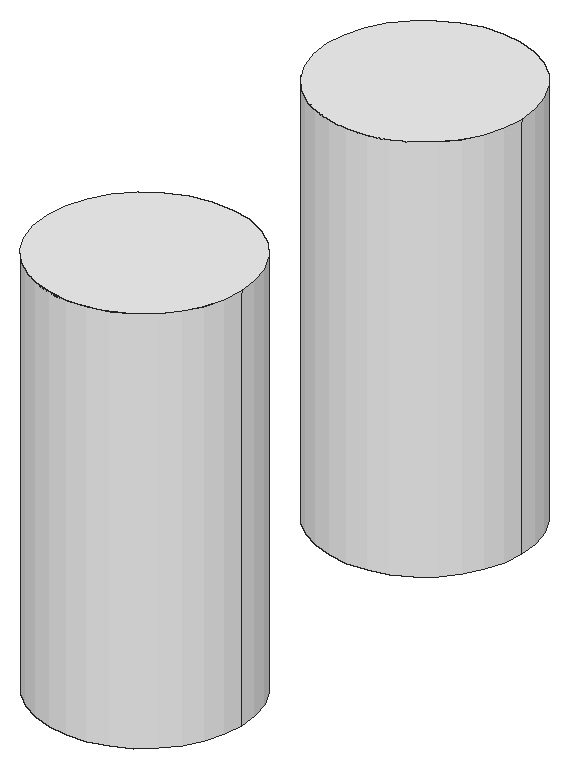
Revit family "44380200", category Plumbing Fixtures, Revit 2020
Family settings
  Round Connector Dimension = Use Diameter
  Part Type = Normal
  OmniClass Number = 23.45.55.00
  OmniClass Title = Sanitary Faucets, Wastes
  Work Plane-Based = No
  Always vertical = Yes
  Cut with Voids When Loaded = No
  Shared = No
  Room Calculation Point = No
Parameters (values of type "44380200 Overhead shower set ")
  Working Pressure = "100 - 1000 kPa"
  WarrantyStartDate [instance] = "n/a"
  WarrantyGuarantorParts = "n/a"
  WarrantyGuarantorLabor = "n/a"
  WarrantyDurationUnit = "Year"
  WarrantyDurationParts = "n/a"
  WarrantyDurationLabor = "n/a"
  WarrantyDescription = "http://warranty.hansa.com"
  Warranty Information URL = "http://warranty.hansa.com"
  VersionDate = "01/06/2023"
  Version = "1"
  ValvePattern = "n/a"
  ValveOperation = "n/a"
  ValveMechanism = "n/a"
  Uniclass2015Reference = "Pr_40_20_87_78"
  Uniclass2015Description = "Shower manual water supply sets"
  Uniclass2 = "Pr_40_30_96_78"
  URL UWL = "http://static.hansa.com/UWL/44380200"
  URL REACH = "http://static.hansa.com/doc/reach"
  URL EcoLabel Declaration = "http://static.hansa.com/doc/EcoLabel"
  URL EU Packaging Declaration = "http://static.hansa.com/doc/packaging"
  URL Declaration of SCIP = "http://static.hansa.com/doc/SCIP"
  URL Declaration of Conformity = "http://static.hansa.com/DoC/44380200"
  URL Declaration of Asbestos = "http://static.hansa.com/doc/asbestos"
  URL Declaration Of Performance (DOP) = "http://static.hansa.com/doc/DoP"
  URL = ""
  UNSPSC Class Number = "30181801 Shower head"
  TestPressure = "n/a"
  Technical DataSheet URL = "http://www.hansa.com/datasheet/44380200/en"
  TagNumber [instance] = "n/a"
  SustainabilityPerformance = "n/a"
  Surface treatment = "Chrome"
  Spout Projection = "407 mm"
  Spare-Part Information URL = "http://static.hansa.com/sp/44380200"
  Size = "200x540x1175 mm"
  Shower Spray Number = "3 shower sprays"
  Shower Spray = "Normal;Refreshing;Relaxing"
  Shower Parts = "Hand shower;Shower rail;Overhead shower;Adjustable shower rail bracket;Shower hose (1750 mm);Variable fixing points;Rotatable ball joint connection;Anti limescale technology (easy to clean)"
  Shape = "Sculptured"
  SerialNumber [instance] = "n/a"
  Sales Package dimensions (LxWxH) = "1154 x 383 x 98"
  Revision = "n/a"
  ReplacementCost = "n/a"
  ProductInformation = "n/a"
  Product URL = "http://static.hansa.com/44380200"
  Product Image URL = "http://static.hansa.com/image/44380200"
  Product Family = "HANSABASICJET "
  Product Code = "44380200"
  Pressure Loss With Flow 02ls = 180000.0 Pa
  Over Head Shower Size = "Ø 200 mm"
  Noise Class = "I (ISO 3822) "
  Name_en = "44380200 Overhead shower set"
  Name = "44380200 Overhead shower set"
  NBSReference = "45-35-70/335 "
  NBSDescription = "Shower mixers"
  ModelReference = "44380200"
  Mobile Product Information URL = "http://mpi.hansa.com/44380200"
  Mechanical Parts = "Non-return valve(s)"
  Max. Hot Water Supply = 70 °C
  Material = "Brass"
  Market = "International;Germany;Austria;Switzerland;Belgium;Netherlands;France;Czech Republic;Slovakia;Hungary;Romania;Italy;Spain;Greece;Portugal;Australia"
  ManufacturerURL = "http://www.hansa.com"
  ManufacturerName = "HANSA"
  Interactive AR View URL = "https://static.hansa.com/AR/44380200"
  Installation and Maintenance Guide URL = "http://static.hansa.com/manual/44380200"
  Installation Type = "Wall mounted"
  InletConnectionSize = 15 mm
  OperatingMechanismMaterial = "n/a"
  NominalWidth = 200 mm
  NominalHeight = 1174.835 mm
  NominalDepth = 539.176 mm
  ModelNumber = "n/a"
  Model = "44380200 Overhead shower set"
  Manufacturer = "HANSA"
  InstallationDate [instance] = "n/a"
  IfcExportType = "FAUCET"  # constant formula
  IfcExportAs = "IfcValveType"  # constant formula
  Hand Shower Size = "Ø 95 mm"
  Group = "Shower set"
  Grade = "n/a"
  FlowCoefficient = 0
  Flow Rate At 300kPa = 0.25 L/s
  Flow Drawing URL = "http://static.hansa.com/flowchart/44380200"
  Finish = "Polished"
  Features = "n/a"
  FaucetMainMaterial = Brass
  FDV Document URL = "http://www.hansa.com/datasheet/44380200/en/fdv"
  ExpectedLife = "n/a"
  ETIM Class Number = "EC011383 Shower head"
  EN Standard = "EN 1112, EN 1113"
  EAN Number = "4057304010996"
  DurationUnit = "Year"
  Diverter = "Turn operated diverter"
  Dimension Drawing URL = "http://static.hansa.com/dimdrw/44380200"
  Description = ""
  DefaultElevation [instance] = 900 mm
  Default Elevation = 0 mm
  Constituents = "n/a"
  Connection Size = "G1/2"
  Connection = "Flexible inlet pipes"
  Color = "Chrome"
  CodePerformance = "n/a"
  CloseOffRating = 0
  Category = "Shower solutions"
  Catalog Drawing URL = "http://static.hansa.com/catdrw/44380200"
  Brand = "HANSA"
  BodyMaterial = "Brass"
  Barcode [instance] = "n/a"
  Backflow Prevention EN1717 = "EB"
  BIMObjectName = "44380200"
  Author = "BIMStone"
  AssetType = "Fixed"
  AssetIdentifier [instance] = "n/a"
  Advanced Features = "Flexible length / can be shortened"
  AccessibilityPerformance = "n/a"
  3D View = "https://static.hansa.com/AR/44380200"
  2D/3D/BIM Files URL = "http://static.hansa.com/bim/44380200"
Reference planes
  plane 1 "Center (Front/Back)": y = 0
  plane 2: z = 0
  plane 3 "Center (Left/Right)": x = 0
  plane 4: z = 2074.835
  plane 5: y = -539.176
  plane 6: x = -100
  plane 7: x = 100
  plane 8: z = 900
  plane 9: z = 870
Forms (mm)
  Extrusion 1, solid, material "Brass" <- "FaucetMainMaterial"
    sketch origin (0, -38.498, 0) x (1, 0, 0) y (0, 1, 0)
      loop
        circle (0, -24) r 7.5
    from 870 to 900
  Extrusion 2, solid, material "Brass" <- "FaucetMainMaterial"
    sketch origin (0, -65.498, 0) x (1, 0, 0) y (0, 1, 0)
      loop
        circle (0, -24) r 7.5
    from 870 to 900
Dimensions and locks
  "NominalHeight": plane 4 to plane 8
  "NominalDepth": plane 5 to plane 1 "Center (Front/Back)"
  equal spacing: plane 6, plane 3 "Center (Left/Right)", plane 7
  "DefaultElevation": plane 8 to level
  "NominalWidth": plane 6 to plane 7
  locked: plane 9 to plane 8 at 30
  "InletConnectionSize": diameter of Extrusion 2 sketch curve
  "InletConnectionSize": diameter of Extrusion 1 sketch curve
  aligned and locked: level to plane 2
  aligned and locked: plane 1 "Center (Front/Back)" to nested 2
  aligned and locked: plane 3 "Center (Left/Right)" to nested 2
  aligned and locked: plane 8 to Extrusion 1
  aligned and locked: Extrusion 1 to plane 9
  aligned and locked: plane 8 to Extrusion 2
  aligned and locked: Extrusion 2 to plane 9
  aligned and locked: plane 8 to nested 2
  aligned and locked: nested 2 to plane 4
  aligned and locked: plane 3 "Center (Left/Right)" to nested 1
  aligned and locked: plane 1 "Center (Front/Back)" to nested 1
Automatic sketch dimensions
  Extrusion 1 sketch curve to plane 3 "Center (Left/Right)" = 0 mm
  plane 1 "Center (Front/Back)" to Extrusion 1 sketch curve = 62.498 mm
  Extrusion 2 sketch curve to plane 3 "Center (Left/Right)" = 0 mm
  plane 1 "Center (Front/Back)" to Extrusion 2 sketch curve = 89.498 mm
Nested families
  nested 1: "Symbol" at (0, 0, 0), type "Symbol", detail levels coarse
  nested 2: "44380200_p" at (0, 0, 900), Material <- "FaucetMainMaterial", type "44380200_p"
    with Material Brass
Connectors
  piping at (0, -62.498, 870), diameter 15, driven by "InletConnectionSize"
    settings: on Extrusion 1, index 1, connector inside diameter 609.6 mm, connector length 0 mm, flow factor 0, pipe flow 0.26 L/s, pressure drop 180000.0 Pa, fitting loss kfactor 0, connector angle 0.00°, fixture units 0, engagement length 0 mm, angle of deflection 0.00°, flow configuration 1, flow direction 1, fitting loss method 4, system type 19, joint type 0, gender type 0, connector reference index -1, connector utility 0, adjustable connector no, is connector primary yes, connector description ""
  piping at (0, -89.498, 870), diameter 15, driven by "InletConnectionSize"
    settings: on Extrusion 2, index 2, connector inside diameter 609.6 mm, connector length 0 mm, flow factor 0, pipe flow 0.26 L/s, pressure drop 180000.0 Pa, fitting loss kfactor 0, connector angle 0.00°, fixture units 0, engagement length 0 mm, angle of deflection 0.00°, flow configuration 1, flow direction 2, fitting loss method 0, system type 19, joint type 0, gender type 0, connector reference index -1, connector utility 0, adjustable connector no, is connector primary no, connector description ""
Definition of nested family "Symbol"
  Reference planes
    plane 1: y = 0
    plane 2: x = 0
  Lines and regions (mm)
    detail lines
      curve 1: line (0, 0, 0) -> (0, -1.8, 0)
      curve 2: line (-0.4, -1.1, 0) -> (0.4, -1.1, 0)
      curve 3: line (-0.4, -1.4, 0) -> (0.4, -1.4, 0)
      curve 4: line (0.863, 0, 0) -> (-0.863, 0, 0)
      curve 5: circle (-1.163, 0, 0) r 0.3 normal (0, 0, -1)
      curve 6: circle (1.163, 0, 0) r 0.3 normal (0, 0, 1)
Definition of nested family "44380200_p"
  Parameters (values of type "44380200_p")
    Material [instance] = none
    Default Elevation = 0 mm
  Reference planes
    plane 1 "Center (Front/Back)": y = 0
    plane 2: z = 0
    plane 3 "Center (Left/Right)": x = 0
    plane 4: z = 1174.835
    plane 5: y = -539.176
    plane 6: x = -99.998
    plane 7: x = 99.998
    plane 8: z = 35.983
  Forms (mm)
    Revolve 1, solid, material <- "Material", detail levels medium
      sketch origin (0, -90.679, 1050.8) x (0, 1, 0) y (0, 0, 1)
        loop
          line (-348.5, 0) -> (-250.502, 0)
          arc (-250.502, 0) -> (-249.07, 0.604) -> (-248.503, 2.05) r 2
          line (-248.503, 2.05) -> (-248.856, 16.209)
          arc (-248.856, 16.209) -> (-249.379, 17.508) -> (-250.625, 18.146) r 2
          arc (-250.625, 18.146) -> (-287.84, 21.567) -> (-325.176, 23.191) r 775.113
          arc (-325.176, 23.191) -> (-331.336, 25.711) -> (-334.607, 31.507) r 10.139
          arc (-334.607, 31.507) -> (-334.813, 31.861) -> (-335.198, 32) r 0.6
          line (-335.198, 32) -> (-338.425, 32) -> (-336.165, 32.823) -> (-336.165, 49.758) -> (-338.316, 49.758) -> (-337.693, 50.263) -> (-337.693, 54.636) -> (-338.957, 55.9) -> (-338.957, 57.1) -> (-336.805, 57.1)
          arc (-336.805, 57.1) -> (-336.38, 57.276) -> (-336.205, 57.7) r 0.6
          line (-336.205, 57.7) -> (-336.205, 59.314)
          arc (-336.205, 59.314) -> (-336.23, 59.706) -> (-336.307, 60.091) r 3
          line (-336.307, 60.091) -> (-338.066, 66.655)
          arc (-338.066, 66.655) -> (-338.28, 66.976) -> (-338.645, 67.1) r 0.6
          line (-338.645, 67.1) -> (-348.5, 67.1) -> (-348.5, 0)
        axis (-348.5, 0) -> (-348.5, 67.1)
      angle from 0 to 360
    Sweep 2, solid, material <- "Material", detail levels medium
      path origin (0, 0, 0) x (0, 1, 0) y (0, 0, 1)
        loop
          line (-98.392, 64.954) -> (-98.392, 1136.106)
          arc (-98.392, 1136.106) -> (-104.669, 1150.932) -> (-119.568, 1157.035) r 21.135
          line (-119.568, 1157.035) -> (-409.514, 1157.035)
          arc (-409.514, 1157.035) -> (-424.421, 1150.86) -> (-430.595, 1135.954) r 21.081
          line (-430.595, 1135.954) -> (-430.595, 1117.9)
      profile origin (0, -98.392, 600.53) x (0, -1, 0) y (1, 0, 0)
        loop
          circle (-9, 0) r 9.011
    Revolve 3, solid, material <- "Material", detail levels medium
      sketch origin (0, 0, 0) x (0, 1, 0) y (0, 0, 1)
        loop
          arc (-79.781, 65.3) -> (-79.957, 65.724) -> (-80.381, 65.9) r 0.6
          line (-80.381, 65.9) -> (-89.392, 65.9) -> (-89.392, 48.736) -> (-79.781, 48.736) -> (-79.781, 65.3)
        axis (-89.392, 65.9) -> (-89.392, 48.736)
      angle from 0 to 360
    Revolve 4, solid, material <- "Material", detail levels medium
      sketch origin (0, 0, 0) x (0, 1, 0) y (0, 0, 1)
        loop
          arc (-48.577, 35.983) -> (-48.753, 45.206) -> (-49.284, 54.415) r 239.509
          arc (-49.284, 54.415) -> (-49.639, 55.014) -> (-50.295, 55.25) r 1.03
          line (-50.295, 55.25) -> (-144.198, 55.25) -> (-144.198, 52.538) -> (-145.082, 52.538) -> (-145.082, 53.542)
          arc (-145.082, 53.542) -> (-145.379, 54.253) -> (-146.093, 54.542) r 1
          line (-146.093, 54.542) -> (-152.182, 54.474)
          arc (-152.182, 54.474) -> (-153.581, 53.881) -> (-154.16, 52.475) r 2
          line (-154.16, 52.475) -> (-154.16, 35.983) -> (-48.577, 35.983)
        axis (-154.16, 35.983) -> (-48.577, 35.983)
      angle from 0 to 360
    Revolve 5, solid, material <- "Material", detail levels medium
      sketch origin (0, 0, 0) x (0, 1, 0) y (0, 0, 1)
        loop
          line (-51.957, 0) -> (-51.957, 22.338) -> (-62.498, 22.338) -> (-62.498, 0) -> (-51.957, 0)
        axis (-62.498, 22.338) -> (-62.498, 0)
      angle from 0 to 360
    Revolve 6, solid, material <- "Material", detail levels medium
      sketch origin (0, -27, 0) x (0, 1, 0) y (0, 0, 1)
        loop
          line (-51.957, 0) -> (-51.957, 22.338) -> (-62.498, 22.338) -> (-62.498, 0) -> (-51.957, 0)
        axis (-62.498, 22.338) -> (-62.498, 0)
      angle from 0 to 360
    Revolve 7, solid, material <- "Material", detail levels medium
      sketch origin (0, 0, 0) x (0, 1, 0) y (0, 0, 1)
        loop
          line (-1.525, 235.5) -> (-1.525, 254.75) -> (-5.925, 254.75)
          arc (-5.925, 254.75) -> (-6.349, 254.574) -> (-6.525, 254.15) r 0.6
          line (-6.525, 254.15) -> (-6.525, 248.767)
          arc (-6.525, 248.767) -> (-6.818, 248.059) -> (-7.525, 247.767) r 1
          line (-7.525, 247.767) -> (-40.525, 247.767)
          arc (-40.525, 247.767) -> (-41.232, 247.474) -> (-41.525, 246.767) r 1
          line (-41.525, 246.767) -> (-41.525, 241.5) -> (-64.498, 241.5) -> (-64.498, 240) -> (-72.498, 240) -> (-72.498, 247.25)
          arc (-72.498, 247.25) -> (-72.674, 247.674) -> (-73.098, 247.85) r 0.6
          line (-73.098, 247.85) -> (-100.369, 247.85)
          arc (-100.369, 247.85) -> (-102.108, 247.13) -> (-102.828, 245.391) r 2.459
          arc (-102.828, 245.391) -> (-103.278, 240.454) -> (-103.428, 235.5) r 81.896
          line (-103.428, 235.5) -> (-1.525, 235.5)
        axis (-103.428, 235.5) -> (-1.525, 235.5)
      angle from 0 to 360
    Revolve 8, solid, material <- "Material", detail levels medium
      sketch origin (0, 1.525, 718.089) x (0, 1, 0) y (0, 0, 1)
        loop
          line (-1.525, 235.5) -> (-1.525, 254.75) -> (-5.925, 254.75)
          arc (-5.925, 254.75) -> (-6.349, 254.574) -> (-6.525, 254.15) r 0.6
          line (-6.525, 254.15) -> (-6.525, 248.767)
          arc (-6.525, 248.767) -> (-6.818, 248.059) -> (-7.525, 247.767) r 1
          line (-7.525, 247.767) -> (-40.525, 247.767)
          arc (-40.525, 247.767) -> (-41.232, 247.474) -> (-41.525, 246.767) r 1
          line (-41.525, 246.767) -> (-41.525, 241.5) -> (-65.992, 241.5) -> (-65.992, 240) -> (-73.992, 240) -> (-73.992, 247.25)
          arc (-73.992, 247.25) -> (-74.168, 247.674) -> (-74.592, 247.85) r 0.6
          line (-74.592, 247.85) -> (-101.863, 247.85)
          arc (-101.863, 247.85) -> (-103.602, 247.13) -> (-104.322, 245.391) r 2.459
          arc (-104.322, 245.391) -> (-104.772, 240.454) -> (-104.922, 235.5) r 81.896
          line (-104.922, 235.5) -> (-1.525, 235.5)
        axis (-104.922, 235.5) -> (-1.525, 235.5)
      angle from 0 to 360
    Extrusion 9, solid, material <- "Material", detail levels medium
      sketch origin (0, 0, 0) x (0, 1, 0) y (0, 0, 1)
        loop
          line (-73.335, 559.859) -> (-125.681, 559.21)
          arc (-125.681, 559.21) -> (-143.711, 542.914) -> (-129.807, 522.982) r 18.376
          line (-129.807, 522.982) -> (-73.785, 509.318)
          arc (-73.785, 509.318) -> (-72.075, 509.688) -> (-71.311, 511.261) r 2
          line (-71.311, 511.261) -> (-71.311, 557.859)
          arc (-71.311, 557.859) -> (-71.905, 559.282) -> (-73.335, 559.859) r 2
      from -18 to 18
    Revolve 10, solid, material <- "Material", detail levels medium
      sketch origin (0, -125.722, 0) x (1, 0, 0) y (0, 0, 1)
        loop
          line (-18, 541.096) -> (-18, 556.833) -> (-49.508, 556.833)
          arc (-49.508, 556.833) -> (-50.178, 556.576) -> (-50.503, 555.937) r 1
          arc (-50.503, 555.937) -> (-51.074, 548.526) -> (-51.256, 541.096) r 141.435
          line (-51.256, 541.096) -> (-18, 541.096)
        axis (-51.256, 541.096) -> (-18, 541.096)
      angle from 0 to 360
    Extrusion 11, solid, material <- "Material", detail levels medium
      sketch origin (0, -141.425, 791.033) x (0, -0.340256, 0.940333) y (-1, 0, 0)
        loop
          circle (-45.147, 32.329) r 47
      from 0 to 28.663
    Revolve 12, solid, material <- "Material", detail levels medium
      sketch origin (-32.3, 0, 0) x (0, 1, 0) y (0, 0, 1)
        loop
          line (-115.459, 476.5) -> (-115.459, 530.5) -> (-112.837, 530.5) -> (-111.298, 559.869)
          arc (-111.298, 559.869) -> (-111.462, 560.313) -> (-111.897, 560.5) r 0.6
          line (-111.897, 560.5) -> (-110.759, 560.5) -> (-110.759, 688.653)
          arc (-110.759, 688.653) -> (-110.612, 696.551) -> (-110.17, 704.438) r 211.953
          line (-110.17, 704.438) -> (-122.998, 704.438) -> (-122.998, 446.5) -> (-111.959, 446.5)
          arc (-111.959, 446.5) -> (-111.526, 446.685) -> (-111.359, 447.126) r 0.6
          line (-111.359, 447.126) -> (-112.603, 475.926)
          arc (-112.603, 475.926) -> (-112.788, 476.333) -> (-113.203, 476.5) r 0.6
          line (-113.203, 476.5) -> (-115.459, 476.5)
        axis (-122.998, 446.5) -> (-122.998, 704.438)
      angle from 0 to 360
    Extrusion 13, solid, material <- "Material", detail levels medium
      sketch origin (0, 0, 0) x (1, 0, 0) y (0, 0, 1)
        loop
          arc (-3.397, 53.898) -> (-3.981, 53.554) -> (-4.211, 52.915) r 1
          line (-4.211, 52.915) -> (-4.211, 9.297)
          arc (-4.211, 9.297) -> (-3.981, 8.659) -> (-3.397, 8.314) r 1
          arc (-3.397, 8.314) -> (0.019, 7.995) -> (3.434, 8.314) r 18.432
          arc (3.434, 8.314) -> (3.924, 8.56) -> (4.211, 9.027) r 1
          line (4.211, 9.027) -> (4.211, 52.915)
          arc (4.211, 52.915) -> (3.981, 53.554) -> (3.397, 53.898) r 1
          arc (3.397, 53.898) -> (0, 54.215) -> (-3.397, 53.898) r 18.332
      from 145.082 to 164.662
    Extrusion 14, solid, material <- "Material", detail levels coarse
      sketch origin (0, 0, 0) x (1, 0, 0) y (0, 1, 0)
        loop
          line (-99.998, -539.176) -> (99.998, -539.176) -> (99.998, 0) -> (-99.998, 0) -> (-99.998, -539.176)
      from 0 to 1174.835
    Extrusion 15, solid, detail levels medium
      sketch origin (0, 0, 0) x (0, 1, 0) y (0, 0, 1)
        loop
          arc (-145.266, 717.41) -> (-149.06, 703.78) -> (-137.422, 695.734) r 12.197
          line (-137.422, 695.734) -> (-145.266, 717.41)
      from -35.763 to -28.868
    Extrusion 16, solid, material <- "Material", detail levels medium
      sketch origin (0, 0, 0) x (1, 0, 0) y (0, 1, 0)
        loop
          arc (-8.894, -125.106) -> (0.004, -134.003) -> (8.902, -125.106) r 8.898
          line (8.902, -125.106) -> (8.902, -91.298) -> (-8.894, -91.298) -> (-8.894, -125.106)
      from 513.949 to 530.5
  Cuts and joins
    joined: Revolve 1, Sweep 2, Revolve 3, Revolve 4, Revolve 5, Revolve 6, Revolve 7, Revolve 8, Extrusion 9, Revolve 10, Extrusion 11, Revolve 12, Extrusion 13, Extrusion 16
  Lines and regions (mm)
    symbolic lines, detail levels medium+fine
      curve 1: line (0, -144.198, 16.75) -> (0, -99.931, 16.75)
      curve 2: line (0, -144.198, 55.25) -> (0, -98.992, 55.25)
      curve 3: arc (0, -50.295, 55.25) -> (0, -49.639, 55.014) -> (0, -49.284, 54.415) r 1.03
      curve 4: arc (0, -50.295, 16.75) -> (0, -49.653, 16.975) -> (0, -49.291, 17.551) r 1.03
      curve 5: arc (0, -49.284, 54.415) -> (0, -48.577, 35.983) -> (0, -49.291, 17.551) r 239.509
      curve 6: line (0, -144.198, 55.25) -> (0, -144.198, 52.538)
      curve 7: line (0, -144.948, 53.947) -> (0, -144.948, 52.538)
      curve 8: line (0, -145.554, 54.547) -> (0, -163.122, 54.354)
      curve 9: arc (0, -163.122, 54.354) -> (0, -164.239, 53.877) -> (0, -164.691, 52.75) r 1.587
      curve 10: line (0, -164.691, 52.75) -> (0, -164.691, 9.617)
      curve 11: line (0, -163.229, 8.139) -> (0, -145.554, 7.95)
      curve 12: arc (0, -144.948, 8.55) -> (0, -145.126, 8.123) -> (0, -145.554, 7.95) r 0.6
      curve 13: arc (0, -164.691, 9.617) -> (0, -164.264, 8.577) -> (0, -163.229, 8.139) r 1.478
      curve 14: line (0, -144.948, 19.444) -> (0, -144.198, 19.444)
      curve 15: line (0, -144.198, 52.538) -> (0, -144.948, 52.538)
      curve 16: arc (0, -145.554, 54.547) -> (0, -145.126, 54.374) -> (0, -144.948, 53.947) r 0.6
      curve 19: line (0, -144.948, 19.444) -> (0, -144.948, 8.55)
      curve 20: line (0, -144.198, 19.444) -> (0, -144.198, 16.75)
      curve 21: line (0, -53.22, 0) -> (0, -71.775, 0)
      curve 22: line (0, -71.775, 0) -> (0, -72.929, 1.154)
      curve 23: line (0, -72.929, 1.154) -> (0, -72.929, 16.75)
      curve 24: line (0, -53.22, 0) -> (0, -51.957, 1.264)
      curve 25: line (0, -51.957, 1.264) -> (0, -51.957, 16.75)
      curve 26: line (0, -80.22, 0) -> (0, -98.775, 0)
      curve 27: line (0, -98.775, 0) -> (0, -99.931, 1.155)
      curve 28: line (0, -99.931, 1.155) -> (0, -99.931, 16.75)
      curve 29: line (0, -80.22, 0) -> (0, -78.986, 1.234)
      curve 30: line (0, -78.986, 1.234) -> (0, -78.986, 16.75)
      curve 31: line (0, -51.957, 16.75) -> (0, -50.295, 16.75)
      curve 32: line (0, -78.986, 16.75) -> (0, -72.929, 16.75)
      curve 33: line (0, -79.991, 65.3) -> (0, -79.991, 55.25)
      curve 34: line (0, -98.992, 65.3) -> (0, -98.992, 55.25)
      curve 36: arc (0, -80.591, 65.9) -> (0, -80.167, 65.724) -> (0, -79.991, 65.3) r 0.6
      curve 37: arc (0, -98.392, 65.9) -> (0, -98.816, 65.724) -> (0, -98.992, 65.3) r 0.6
      curve 38: line (0, -80.591, 65.9) -> (0, -80.591, 223.15)
      curve 39: line (0, -98.392, 65.9) -> (0, -98.392, 223.15)
      curve 40: arc (0, -80.591, 1135.9) -> (0, -92.015, 1163.451) -> (0, -119.583, 1174.835) r 38.935
      curve 41: line (0, -119.583, 1174.835) -> (0, -409.514, 1174.835)
      curve 42: arc (0, -409.514, 1174.835) -> (0, -437.007, 1163.447) -> (0, -448.395, 1135.954) r 38.881
      curve 43: line (0, -448.395, 1135.954) -> (0, -448.395, 1117.9)
      curve 44: arc (0, -98.392, 1136.106) -> (0, -104.669, 1150.932) -> (0, -119.568, 1157.035) r 21.135
      curve 45: line (0, -119.568, 1157.035) -> (0, -409.514, 1157.035)
      curve 46: arc (0, -409.514, 1157.035) -> (0, -424.421, 1150.86) -> (0, -430.595, 1135.954) r 21.081
      curve 47: line (0, -430.595, 1135.954) -> (0, -430.595, 1117.9)
      curve 48: line (0, -448.395, 1117.9) -> (0, -449.034, 1117.9)
      curve 49: line (0, -449.613, 1117.455) -> (0, -451.406, 1110.764)
      curve 50: line (0, -451.474, 1108.5) -> (0, -451.474, 1110.246)
      curve 51: arc (0, -449.034, 1117.9) -> (0, -449.399, 1117.776) -> (0, -449.613, 1117.455) r 0.6
      curve 52: arc (0, -451.406, 1110.764) -> (0, -451.457, 1110.507) -> (0, -451.474, 1110.246) r 2
      curve 53: line (0, -450.874, 1107.9) -> (0, -448.722, 1107.9)
      curve 54: arc (0, -450.874, 1107.9) -> (0, -451.298, 1108.076) -> (0, -451.474, 1108.5) r 0.6
      curve 55: line (0, -448.722, 1106.7) -> (0, -448.722, 1107.9)
      curve 56: line (0, -448.722, 1106.7) -> (0, -449.986, 1105.436)
      curve 57: line (0, -449.986, 1105.436) -> (0, -449.986, 1101.063)
      curve 58: line (0, -449.986, 1101.063) -> (0, -449.363, 1100.559)
      curve 59: line (0, -451.514, 1100.559) -> (0, -449.363, 1100.559)
      curve 60: line (0, -451.514, 1083.658) -> (0, -451.514, 1100.559)
      curve 61: line (0, -449.157, 1082.8) -> (0, -451.514, 1083.658)
      curve 62: arc (0, -341.181, 1050.8) -> (0, -339.749, 1051.404) -> (0, -339.181, 1052.85) r 2
      curve 63: line (0, -339.181, 1052.85) -> (0, -339.535, 1067.009)
      curve 64: arc (0, -339.535, 1067.009) -> (0, -340.058, 1068.308) -> (0, -341.303, 1068.946) r 2
      curve 65: arc (0, -341.303, 1068.946) -> (0, -378.519, 1072.367) -> (0, -415.855, 1073.991) r 775.113
      curve 66: line (0, -341.181, 1050.8) -> (0, -439.179, 1050.8)
      curve 67: arc (0, -415.855, 1073.991) -> (0, -422.015, 1076.511) -> (0, -425.286, 1082.307) r 10.139
      curve 68: arc (0, -425.286, 1082.307) -> (0, -425.492, 1082.661) -> (0, -425.876, 1082.8) r 0.6
      curve 69: line (0, -425.876, 1082.8) -> (0, -429.201, 1082.8)
      curve 70: arc (0, -537.177, 1050.8) -> (0, -538.609, 1051.404) -> (0, -539.176, 1052.85) r 2
      curve 71: line (0, -539.176, 1052.85) -> (0, -538.823, 1067.009)
      curve 72: arc (0, -538.823, 1067.009) -> (0, -538.3, 1068.308) -> (0, -537.054, 1068.946) r 2
      curve 73: arc (0, -537.054, 1068.946) -> (0, -499.839, 1072.367) -> (0, -462.503, 1073.991) r 775.113
      curve 74: line (0, -537.177, 1050.8) -> (0, -439.179, 1050.8)
      curve 75: arc (0, -462.503, 1073.991) -> (0, -456.342, 1076.511) -> (0, -453.072, 1082.307) r 10.139
      curve 76: arc (0, -453.072, 1082.307) -> (0, -452.866, 1082.661) -> (0, -452.481, 1082.8) r 0.6
      curve 77: line (0, -452.481, 1082.8) -> (0, -449.157, 1082.8)
      curve 78: line (0, -428.745, 1117.455) -> (0, -426.952, 1110.764)
      curve 79: line (0, -426.884, 1108.5) -> (0, -426.884, 1110.246)
      curve 80: arc (0, -429.324, 1117.9) -> (0, -428.959, 1117.776) -> (0, -428.745, 1117.455) r 0.6
      curve 81: line (0, -427.484, 1107.9) -> (0, -429.636, 1107.9)
      curve 82: arc (0, -427.484, 1107.9) -> (0, -427.059, 1108.076) -> (0, -426.884, 1108.5) r 0.6
      curve 83: line (0, -429.636, 1106.7) -> (0, -429.636, 1107.9)
      curve 84: line (0, -429.636, 1106.7) -> (0, -428.372, 1105.436)
      curve 85: line (0, -428.372, 1105.436) -> (0, -428.372, 1101.063)
      curve 86: line (0, -428.372, 1101.063) -> (0, -428.995, 1100.559)
      curve 87: line (0, -426.843, 1100.559) -> (0, -428.995, 1100.559)
      curve 88: line (0, -426.843, 1083.658) -> (0, -426.843, 1100.559)
      curve 89: line (0, -429.201, 1082.8) -> (0, -426.843, 1083.658)
      curve 90: arc (0, -426.952, 1110.764) -> (0, -426.901, 1110.507) -> (0, -426.884, 1110.246) r 2
      curve 92: line (0, -429.324, 1117.9) -> (0, -430.595, 1117.9)
      curve 95: line (0, -1.525, 216.25) -> (0, -1.525, 254.75)
      curve 96: line (0, -1.525, 254.75) -> (0, -5.925, 254.75)
      curve 97: line (0, -6.525, 254.15) -> (0, -6.525, 248.767)
      curve 98: line (0, -7.525, 247.767) -> (0, -40.525, 247.767)
      curve 99: line (0, -41.525, 246.767) -> (0, -41.525, 241.5)
      curve 100: line (0, -64.498, 241.5) -> (0, -41.525, 241.5)
      curve 101: line (0, -64.498, 240) -> (0, -72.498, 240)
      curve 102: line (0, -64.498, 240) -> (0, -64.498, 241.5)
      curve 103: line (0, -72.498, 247.25) -> (0, -72.498, 240)
      curve 104: line (0, -73.098, 247.85) -> (0, -80.591, 247.85)
      curve 105: arc (0, -100.369, 247.85) -> (0, -102.108, 247.13) -> (0, -102.828, 245.391) r 2.459
      curve 106: arc (0, -73.098, 247.85) -> (0, -72.674, 247.674) -> (0, -72.498, 247.25) r 0.6
      curve 107: arc (0, -40.525, 247.767) -> (0, -41.232, 247.474) -> (0, -41.525, 246.767) r 1
      curve 108: arc (0, -5.925, 254.75) -> (0, -6.349, 254.574) -> (0, -6.525, 254.15) r 0.6
      curve 109: arc (0, -7.525, 247.767) -> (0, -6.818, 248.059) -> (0, -6.525, 248.767) r 1
      curve 110: line (0, -1.525, 216.25) -> (0, -5.925, 216.25)
      curve 111: line (0, -6.525, 216.85) -> (0, -6.525, 222.233)
      curve 112: line (0, -7.525, 223.233) -> (0, -40.525, 223.233)
      curve 113: line (0, -41.525, 224.233) -> (0, -41.525, 229.5)
      curve 114: line (0, -64.498, 229.5) -> (0, -41.525, 229.5)
      curve 115: line (0, -64.498, 231) -> (0, -72.498, 231)
      curve 116: line (0, -64.498, 231) -> (0, -64.498, 229.5)
      curve 117: line (0, -72.498, 223.75) -> (0, -72.498, 231)
      curve 118: line (0, -73.098, 223.15) -> (0, -80.591, 223.15)
      curve 119: arc (0, -100.369, 223.15) -> (0, -102.108, 223.87) -> (0, -102.828, 225.609) r 2.459
      curve 120: arc (0, -73.098, 223.15) -> (0, -72.674, 223.326) -> (0, -72.498, 223.75) r 0.6
      curve 121: arc (0, -40.525, 223.233) -> (0, -41.232, 223.526) -> (0, -41.525, 224.233) r 1
      curve 122: arc (0, -5.925, 216.25) -> (0, -6.349, 216.426) -> (0, -6.525, 216.85) r 0.6
      curve 123: arc (0, -7.525, 223.233) -> (0, -6.818, 222.941) -> (0, -6.525, 222.233) r 1
      curve 124: arc (0, -102.828, 245.391) -> (0, -103.428, 235.5) -> (0, -102.828, 225.609) r 81.896
      curve 129: line (0, -80.591, 247.85) -> (0, -80.591, 510.978)
      curve 130: line (0, -98.392, 247.85) -> (0, -98.392, 514.593)
      curve 132: line (0, -98.392, 223.15) -> (0, -100.369, 223.15)
      curve 133: line (0, -98.392, 247.85) -> (0, -100.369, 247.85)
      curve 135: line (0, -79.991, 55.25) -> (0, -50.295, 55.25)
      curve 137: line (0, 0, 972.839) -> (0, 0, 934.339)
      curve 138: line (0, 0, 972.839) -> (0, -4.4, 972.839)
      curve 139: line (0, -6, 965.856) -> (0, -39, 965.856)
      curve 140: line (0, -40, 964.856) -> (0, -40, 959.589)
      curve 141: line (0, -64.467, 959.589) -> (0, -40, 959.589)
      curve 142: line (0, -64.467, 958.089) -> (0, -72.498, 958.089)
      curve 143: line (0, -64.467, 958.089) -> (0, -64.467, 959.589)
      curve 144: line (0, -72.498, 965.339) -> (0, -72.498, 958.089)
      curve 145: line (0, -73.098, 965.939) -> (0, -80.591, 965.939)
      curve 146: arc (0, -100.369, 965.939) -> (0, -102.108, 965.219) -> (0, -102.828, 963.48) r 2.459
      curve 147: arc (0, -73.098, 965.939) -> (0, -72.674, 965.764) -> (0, -72.498, 965.339) r 0.6
      curve 148: arc (0, -39, 965.856) -> (0, -39.707, 965.563) -> (0, -40, 964.856) r 1
      curve 149: arc (0, -4.4, 972.839) -> (0, -4.824, 972.664) -> (0, -5, 972.239) r 0.6
      curve 150: arc (0, -6, 965.856) -> (0, -5.293, 966.149) -> (0, -5, 966.856) r 1
      curve 151: line (0, 0, 934.339) -> (0, -4.4, 934.339)
      curve 152: line (0, -5, 934.939) -> (0, -5, 940.323)
      curve 153: line (0, -6, 941.323) -> (0, -39, 941.323)
      curve 154: line (0, -40, 942.323) -> (0, -40, 947.589)
      curve 155: line (0, -64.467, 947.589) -> (0, -40, 947.589)
      curve 156: line (0, -64.467, 949.089) -> (0, -72.498, 949.089)
      curve 157: line (0, -64.467, 949.089) -> (0, -64.467, 947.589)
      curve 158: line (0, -72.498, 941.84) -> (0, -72.498, 949.089)
      curve 159: line (0, -73.098, 941.24) -> (0, -80.591, 941.24)
      curve 160: arc (0, -100.369, 941.24) -> (0, -102.108, 941.96) -> (0, -102.828, 943.699) r 2.459
      curve 161: arc (0, -73.098, 941.24) -> (0, -72.674, 941.415) -> (0, -72.498, 941.84) r 0.6
      curve 162: arc (0, -39, 941.323) -> (0, -39.707, 941.616) -> (0, -40, 942.323) r 1
      curve 163: arc (0, -4.4, 934.339) -> (0, -4.824, 934.515) -> (0, -5, 934.939) r 0.6
      curve 164: arc (0, -6, 941.323) -> (0, -5.293, 941.03) -> (0, -5, 940.323) r 1
      curve 165: arc (0, -102.828, 963.48) -> (0, -103.428, 953.589) -> (0, -102.828, 943.699) r 81.896
      curve 171: line (0, -98.392, 941.24) -> (0, -100.369, 941.24)
      curve 172: line (0, -98.392, 965.939) -> (0, -100.369, 965.939)
      curve 174: line (0, -80.591, 965.939) -> (0, -80.591, 1135.9)
      curve 175: line (0, -98.392, 965.939) -> (0, -98.392, 1136.106)
      curve 176: line (0, -5, 972.239) -> (0, -5, 966.856)
      curve 177: line (0, -73.335, 559.859) -> (0, -80.591, 559.769)
      curve 178: line (0, -73.785, 509.318) -> (0, -80.591, 510.978)
      curve 180: line (0, -71.311, 511.261) -> (0, -71.311, 557.859)
      curve 181: arc (0, -71.311, 557.859) -> (0, -71.905, 559.282) -> (0, -73.335, 559.859) r 2
      curve 182: arc (0, -73.785, 509.318) -> (0, -72.075, 509.688) -> (0, -71.311, 511.261) r 2
      curve 183: line (0, -80.591, 559.769) -> (0, -80.591, 941.24)
      curve 184: line (0, -98.392, 559.548) -> (0, -98.392, 941.24)
      curve 186: line (0, -98.392, 559.548) -> (0, -111.323, 559.388)
      curve 189: line (0, -98.392, 514.593) -> (0, -115.459, 514.251)
      curve 191: line (0, -115.459, 476.5) -> (0, -115.459, 514.251)
      curve 192: line (0, -130.489, 476.5) -> (0, -130.489, 513.949)
      curve 193: line (0, -132.753, 515.156) -> (0, -133.939, 524.535)
      curve 194: arc (0, -131.337, 513.932) -> (0, -132.28, 514.272) -> (0, -132.753, 515.156) r 1.4
      curve 195: line (0, -130.489, 513.949) -> (0, -131.337, 513.932)
      curve 196: arc (0, -133.939, 524.535) -> (0, -143.827, 540.544) -> (0, -134.451, 556.857) r 18.376
      curve 203: arc (0, -134.01, 560.5) -> (0, -134.445, 560.313) -> (0, -134.609, 559.869) r 0.6
      curve 204: arc (0, -111.897, 560.5) -> (0, -111.462, 560.313) -> (0, -111.298, 559.869) r 0.6
      curve 205: line (0, -111.897, 560.5) -> (0, -110.759, 560.5)
      curve 206: line (0, -134.01, 560.5) -> (0, -135.264, 560.5)
      curve 207: line (0, -135.264, 560.5) -> (0, -135.264, 685.5)
      curve 208: line (0, -110.759, 560.5) -> (0, -110.759, 688.653)
      curve 209: arc (0, -110.759, 688.653) -> (0, -110.608, 696.643) -> (0, -110.157, 704.621) r 211.953
      curve 210: line (0, -110.157, 704.621) -> (0, -141.425, 791.033)
      curve 211: arc (0, -141.425, 791.033) -> (0, -142.185, 791.866) -> (0, -143.311, 791.918) r 1.473
      curve 212: line (0, -143.311, 791.918) -> (0, -166.938, 783.746)
      curve 213: arc (0, -166.938, 783.746) -> (0, -168.266, 782.569) -> (0, -168.372, 780.797) r 2.319
      curve 214: line (0, -168.372, 780.797) -> (0, -145.293, 717.388)
      curve 215: arc (0, -137.412, 695.734) -> (0, -135.974, 690.694) -> (0, -135.264, 685.5) r 36.896
      curve 217: line (0, -134.451, 556.857) -> (0, -134.609, 559.869)
      curve 218: line (0, -111.323, 559.388) -> (0, -111.298, 559.869)
      curve 219: line (-9.278, 0, 0) -> (0, 0, 0)
      curve 220: line (-9.278, 0, 0) -> (-10.461, 0, 1.183)
      curve 221: line (-10.461, 0, 1.183) -> (-10.461, 0, 19.721)
      curve 223: line (-9.473, 0, 65.3) -> (-9.473, 0, 52.804)
      curve 225: arc (-8.873, 0, 65.9) -> (-9.298, 0, 65.724) -> (-9.473, 0, 65.3) r 0.6
      curve 226: line (-8.873, 0, 65.9) -> (-8.873, 0, 218.417)
      curve 227: arc (-8.873, 0, 252.583) -> (-19.25, 0, 235.5) -> (-8.873, 0, 218.417) r 19.25
      curve 229: line (-18, 0, 514.56) -> (-18, 0, 525.358)
      curve 231: line (-24.762, 0, 476.5) -> (-24.762, 0, 525.358)
      curve 232: line (-39.838, 0, 476.5) -> (-39.838, 0, 525.358)
      curve 233: arc (-50.503, 0, 555.937) -> (-51.074, 0, 548.526) -> (-51.256, 0, 541.096) r 141.435
      curve 234: arc (-49.508, 0, 556.833) -> (-50.178, 0, 556.576) -> (-50.503, 0, 555.937) r 1
      curve 236: arc (-50.503, 0, 526.255) -> (-51.074, 0, 533.665) -> (-51.256, 0, 541.096) r 141.435
      curve 237: arc (-49.508, 0, 525.358) -> (-50.178, 0, 525.615) -> (-50.503, 0, 526.255) r 1
      curve 238: line (-39.838, 0, 525.358) -> (-49.508, 0, 525.358)
      curve 242: line (-44, 0, 559.869) -> (-43.841, 0, 556.833)
      curve 243: arc (-43.401, 0, 560.5) -> (-43.836, 0, 560.313) -> (-44, 0, 559.869) r 0.6
      curve 244: line (-43.401, 0, 560.5) -> (-44.539, 0, 560.5)
      curve 246: line (-44.539, 0, 560.5) -> (-44.539, 0, 683.665)
      curve 247: spline (-79.329, 0, 748.58) -> (-78.615, 0, 756.25) -> (-76.497, 0, 763.688) -> (-73.038, 0, 770.667) -> (-68.344, 0, 776.976) -> (-62.556, 0, 782.423) -> (-55.851, 0, 786.842) -> (-48.432, 0, 790.1) -> (-40.524, 0, 792.098) -> (-32.367, 0, 792.776) -> (-24.21, 0, 792.111) -> (-16.298, 0, 790.125) -> (-8.873, 0, 786.879)
      curve 248: line (-79.329, 0, 738.827) -> (-79.329, 0, 748.58)
      curve 249: arc (-44.539, 0, 683.665) -> (-44.621, 0, 686.705) -> (-44.868, 0, 689.736) r 56.113
      curve 250: arc (-44.868, 0, 689.736) -> (-45.433, 0, 692.303) -> (-46.537, 0, 694.688) r 12.15
      curve 251: arc (-46.537, 0, 694.688) -> (-46.981, 0, 695.383) -> (-47.46, 0, 696.053) r 15.688
      curve 252: arc (-49.812, 0, 697.764) -> (-71.078, 0, 713.618) -> (-79.329, 0, 738.827) r 43.895
      curve 253: arc (-49.812, 0, 697.764) -> (-48.509, 0, 697.083) -> (-47.46, 0, 696.053) r 5
      curve 254: line (-43.841, 0, 556.833) -> (-49.508, 0, 556.833)
      curve 266: arc (-8.873, 0, 509.81) -> (-11.993, 0, 510.353) -> (-14.968, 0, 511.44) r 17.818
      curve 267: arc (-14.968, 0, 511.44) -> (-15.911, 0, 511.923) -> (-16.819, 0, 512.468) r 15.62
      curve 268: arc (-16.819, 0, 512.468) -> (-17.666, 0, 513.369) -> (-18, 0, 514.56) r 2.592
      curve 278: line (14.671, 0, 736.963) -> (14.671, 0, 748.58)
      curve 279: line (-8.873, 0, 786.879) -> (-8.873, 0, 1050.8)
      curve 283: line (-8.873, 0, 252.583) -> (-8.873, 0, 509.81)
      curve 294: line (-97.998, 0, 1050.8) -> (-8.873, 0, 1050.8)
      curve 296: line (-8.873, 0, 1117.9) -> (-9.855, 0, 1117.9)
      curve 297: arc (-9.855, 0, 1117.9) -> (-10.22, 0, 1117.776) -> (-10.434, 0, 1117.455) r 0.6
      curve 298: line (-10.434, 0, 1117.455) -> (-12.193, 0, 1110.891)
      curve 299: arc (-12.193, 0, 1110.891) -> (-12.27, 0, 1110.506) -> (-12.295, 0, 1110.114) r 3
      curve 300: line (-12.295, 0, 1110.114) -> (-12.295, 0, 1108.5)
      curve 301: arc (-12.295, 0, 1108.5) -> (-12.12, 0, 1108.076) -> (-11.695, 0, 1107.9) r 0.6
      curve 302: line (-11.695, 0, 1107.9) -> (-9.543, 0, 1107.9)
      curve 303: line (-9.543, 0, 1107.9) -> (-9.543, 0, 1106.7)
      curve 304: line (-9.543, 0, 1106.7) -> (-10.807, 0, 1105.436)
      curve 305: line (-10.807, 0, 1105.436) -> (-10.807, 0, 1101.063)
      curve 306: line (-10.807, 0, 1101.063) -> (-10.184, 0, 1100.559)
      curve 307: line (-10.184, 0, 1100.559) -> (-12.335, 0, 1100.559)
      curve 308: line (-12.335, 0, 1100.559) -> (-12.335, 0, 1083.623)
      curve 309: line (-12.335, 0, 1083.623) -> (-10.075, 0, 1082.8)
      curve 310: line (-10.075, 0, 1082.8) -> (-13.302, 0, 1082.8)
      curve 311: arc (-13.302, 0, 1082.8) -> (-13.687, 0, 1082.661) -> (-13.893, 0, 1082.307) r 0.6
      curve 312: arc (-13.893, 0, 1082.307) -> (-17.164, 0, 1076.511) -> (-23.324, 0, 1073.991) r 10.139
      curve 313: arc (-23.324, 0, 1073.991) -> (-60.66, 0, 1072.367) -> (-97.875, 0, 1068.946) r 775.113
      curve 314: arc (-97.875, 0, 1068.946) -> (-99.121, 0, 1068.308) -> (-99.644, 0, 1067.009) r 2
      curve 315: line (-99.644, 0, 1067.009) -> (-99.997, 0, 1052.85)
      curve 316: arc (-99.997, 0, 1052.85) -> (-99.43, 0, 1051.404) -> (-97.998, 0, 1050.8) r 2
      curve 317: line (-8.873, 0, 1117.9) -> (-8.873, 0, 1166.035)
      curve 318: arc (8.873, 0, 1167.597) -> (-0.715, 0, 1174.943) -> (-8.873, 0, 1166.035) r 8.942
      curve 319: arc (-10.461, 0, 19.721) -> (-19.313, 0, 36.541) -> (-9.473, 0, 52.804) r 19.321
      curve 322: line (-18, 0, 525.358) -> (-24.762, 0, 525.358)
      curve 323: line (97.998, 0, 1050.8) -> (8.873, 0, 1050.8)
      curve 325: line (8.873, 0, 1117.9) -> (9.855, 0, 1117.9)
      curve 326: arc (9.855, 0, 1117.9) -> (10.22, 0, 1117.776) -> (10.434, 0, 1117.455) r 0.6
      curve 327: line (10.434, 0, 1117.455) -> (12.193, 0, 1110.891)
      curve 328: arc (12.193, 0, 1110.891) -> (12.27, 0, 1110.506) -> (12.295, 0, 1110.114) r 3
      curve 329: line (12.295, 0, 1110.114) -> (12.295, 0, 1108.5)
      curve 330: arc (12.295, 0, 1108.5) -> (12.12, 0, 1108.076) -> (11.695, 0, 1107.9) r 0.6
      curve 331: line (11.695, 0, 1107.9) -> (9.543, 0, 1107.9)
      curve 332: line (9.543, 0, 1107.9) -> (9.543, 0, 1106.7)
      curve 333: line (9.543, 0, 1106.7) -> (10.807, 0, 1105.436)
      curve 334: line (10.807, 0, 1105.436) -> (10.807, 0, 1101.063)
      curve 335: line (10.807, 0, 1101.063) -> (10.184, 0, 1100.559)
      curve 336: line (10.184, 0, 1100.559) -> (12.335, 0, 1100.559)
      curve 337: line (12.335, 0, 1100.559) -> (12.335, 0, 1083.623)
      curve 338: line (12.335, 0, 1083.623) -> (10.075, 0, 1082.8)
      curve 339: line (10.075, 0, 1082.8) -> (13.302, 0, 1082.8)
      curve 340: arc (13.302, 0, 1082.8) -> (13.687, 0, 1082.661) -> (13.893, 0, 1082.307) r 0.6
      curve 341: arc (13.893, 0, 1082.307) -> (17.164, 0, 1076.511) -> (23.324, 0, 1073.991) r 10.139
      curve 342: arc (23.324, 0, 1073.991) -> (60.66, 0, 1072.367) -> (97.875, 0, 1068.946) r 775.113
      curve 343: arc (97.875, 0, 1068.946) -> (99.121, 0, 1068.308) -> (99.644, 0, 1067.009) r 2
      curve 344: line (99.644, 0, 1067.009) -> (99.997, 0, 1052.85)
      curve 345: arc (99.997, 0, 1052.85) -> (99.43, 0, 1051.404) -> (97.998, 0, 1050.8) r 2
      curve 346: line (8.873, 0, 1117.9) -> (8.873, 0, 1167.597)
      curve 347: line (8.873, 0, 0) -> (0, 0, 0)
      curve 348: line (9.278, 0, 0) -> (10.461, 0, 1.183)
      curve 350: line (10.461, 0, 1.183) -> (10.461, 0, 19.721)
      curve 351: arc (10.461, 0, 19.721) -> (19.313, 0, 36.541) -> (9.473, 0, 52.804) r 19.321
      curve 355: line (9.473, 0, 65.3) -> (9.473, 0, 52.804)
      curve 357: arc (8.873, 0, 65.9) -> (9.298, 0, 65.724) -> (9.473, 0, 65.3) r 0.6
      curve 358: line (8.873, 0, 65.9) -> (8.873, 0, 218.417)
      curve 359: arc (8.873, 0, 252.583) -> (19.25, 0, 235.5) -> (8.873, 0, 218.417) r 19.25
      curve 362: line (8.873, 0, 252.583) -> (8.873, 0, 509.81)
      curve 363: line (18, 0, 514.56) -> (18, 0, 557.765)
      curve 364: arc (8.873, 0, 509.81) -> (11.993, 0, 510.353) -> (14.968, 0, 511.44) r 17.818
      curve 365: arc (14.968, 0, 511.44) -> (15.911, 0, 511.923) -> (16.819, 0, 512.468) r 15.62
      curve 366: arc (16.819, 0, 512.468) -> (17.666, 0, 513.369) -> (18, 0, 514.56) r 2.592
      curve 370: arc (16.573, 0, 559.304) -> (12.725, 0, 559.556) -> (8.873, 0, 559.73) r 189.947
      curve 371: arc (18, 0, 557.765) -> (17.588, 0, 558.815) -> (16.573, 0, 559.304) r 1.544
      curve 373: line (8.873, 0, 559.73) -> (8.873, 0, 717.331)
      curve 374: arc (8.873, 0, 717.331) -> (12.933, 0, 726.805) -> (14.671, 0, 736.963) r 43.895
      curve 375: line (8.873, 0, 769.845) -> (8.873, 0, 1050.8)
      curve 376: spline (8.873, 0, 769.845) -> (9.783, 0, 768.206) -> (10.619, 0, 766.533) -> (11.38, 0, 764.828) -> (12.064, 0, 763.095) -> (12.671, 0, 761.337) -> (13.199, 0, 759.556) -> (13.647, 0, 757.756) -> (14.015, 0, 755.94) -> (14.302, 0, 754.112) -> (14.507, 0, 752.273) -> (14.63, 0, 750.428) -> (14.671, 0, 748.58)
      curve 380: arc (-9.011, -339.585, 0) -> (0, -539.175, 0) -> (9.011, -339.585, 0) r 99.998
      curve 386: arc (-79.688, -151.269, 0) -> (-77.929, -156.113, 0) -> (-74.097, -159.559, 0) r 10.622
      curve 387: arc (-74.097, -159.559, 0) -> (-62.018, -164.677, 0) -> (-49.239, -167.641, 0) r 75.955
      curve 388: arc (-49.239, -167.641, 0) -> (-29.076, -168.781, 0) -> (-9.011, -166.496, 0) r 119.045
      curve 389: line (-79.688, -151.269, 0) -> (-79.688, -128.885, 0)
      curve 390: arc (-79.688, -128.885, 0) -> (-78.127, -123.138, 0) -> (-73.873, -118.969, 0) r 11.362
      curve 391: arc (-73.873, -118.969, 0) -> (-63.689, -114.445, 0) -> (-52.849, -111.857, 0) r 60.728
      curve 392: arc (-52.849, -111.857, 0) -> (-42.571, -110.677, 0) -> (-32.243, -110.079, 0) r 183.546
      curve 393: arc (-32.243, -110.079, 0) -> (-25.741, -110.114, 0) -> (-19.256, -110.606, 0) r 92.494
      curve 401: line (-19.256, -50.285, 0) -> (-19.256, -110.606, 0)
      curve 402: arc (-18.338, -49.289, 0) -> (-12.157, -48.867, 0) -> (-5.967, -48.623, 0) r 217.138
      curve 403: arc (-19.256, -50.285, 0) -> (-18.992, -49.608, 0) -> (-18.338, -49.289, 0) r 1
      curve 404: line (-11.255, -40, 0) -> (-5.967, -40, 0)
      curve 405: line (-12.255, -39, 0) -> (-12.255, -4.993, 0)
      curve 406: line (-12.255, -4.993, 0) -> (-18.65, -4.993, 0)
      curve 407: line (-19.25, 0, 0) -> (-19.25, -4.393, 0)
      curve 408: arc (-19.25, -4.393, 0) -> (-19.074, -4.817, 0) -> (-18.65, -4.993, 0) r 0.6
      curve 409: line (-19.25, 0, 0) -> (0, 0, 0)
      curve 410: arc (-11.255, -40, 0) -> (-11.962, -39.707, 0) -> (-12.255, -39, 0) r 1
      curve 419: line (-5.967, -48.623, 0) -> (-5.967, -40, 0)
      curve 422: line (-9.011, -339.585, 0) -> (-9.011, -166.496, 0)
      curve 423: line (9.011, -339.585, 0) -> (9.011, -159.766, 0)
      curve 424: arc (18.338, -49.289, 0) -> (12.157, -48.867, 0) -> (5.967, -48.623, 0) r 217.138
      curve 425: arc (19.256, -50.285, 0) -> (18.992, -49.608, 0) -> (18.338, -49.289, 0) r 1
      curve 426: line (11.255, -40, 0) -> (5.967, -40, 0)
      curve 427: line (12.255, -39, 0) -> (12.255, -4.993, 0)
      curve 428: line (12.255, -4.993, 0) -> (18.65, -4.993, 0)
      curve 429: line (19.25, 0, 0) -> (19.25, -4.393, 0)
      curve 430: arc (19.25, -4.393, 0) -> (19.074, -4.817, 0) -> (18.65, -4.993, 0) r 0.6
      curve 431: line (19.25, 0, 0) -> (0, 0, 0)
      curve 432: arc (11.255, -40, 0) -> (11.962, -39.707, 0) -> (12.255, -39, 0) r 1
      curve 434: line (5.967, -48.623, 0) -> (5.967, -40, 0)
      curve 436: line (19.256, -50.285, 0) -> (19.256, -144.198, 0)
      curve 442: line (19.256, -144.198, 0) -> (16.514, -144.198, 0)
      curve 443: line (16.514, -144.198, 0) -> (16.514, -144.948, 0)
      curve 444: line (17.89, -144.948, 0) -> (16.514, -144.948, 0)
      curve 445: line (18.49, -145.548, 0) -> (18.49, -152.082, 0)
      curve 446: arc (18.49, -152.082, 0) -> (18.246, -152.734, 0) -> (17.633, -153.063, 0) r 0.99
      curve 447: arc (17.633, -153.063, 0) -> (16.121, -153.186, 0) -> (14.607, -153.277, 0) r 72.024
      curve 448: arc (18.49, -145.548, 0) -> (18.314, -145.124, 0) -> (17.89, -144.948, 0) r 0.6
      curve 451: arc (14.607, -153.277, 0) -> (12.492, -157.111, 0) -> (9.011, -159.766, 0) r 10.622
      curve 459: arc (0, -145.293, 717.388) -> (0, -149.052, 703.759) -> (0, -137.412, 695.734) r 12.197
      curve 464: line (0, -113.203, 476.5) -> (0, -115.459, 476.5)
      curve 465: line (0, -134.037, 446.5) -> (0, -111.959, 446.5)
      curve 466: line (0, -111.359, 447.126) -> (0, -112.603, 475.926)
      curve 467: line (0, -134.636, 447.126) -> (0, -133.392, 475.926)
      curve 468: arc (0, -113.203, 476.5) -> (0, -112.788, 476.333) -> (0, -112.603, 475.926) r 0.6
      curve 469: arc (0, -132.793, 476.5) -> (0, -133.208, 476.333) -> (0, -133.392, 475.926) r 0.6
      curve 470: arc (0, -134.636, 447.126) -> (0, -134.47, 446.685) -> (0, -134.037, 446.5) r 0.6
      curve 471: arc (0, -111.959, 446.5) -> (0, -111.526, 446.685) -> (0, -111.359, 447.126) r 0.6
      curve 473: line (0, -130.489, 476.5) -> (0, -132.793, 476.5)
      curve 474: line (-21.261, 0, 446.5) -> (-43.339, 0, 446.5)
      curve 475: arc (-43.938, 0, 447.126) -> (-43.772, 0, 446.685) -> (-43.339, 0, 446.5) r 0.6
      curve 476: line (-42.694, 0, 475.926) -> (-43.938, 0, 447.126)
      curve 477: arc (-42.095, 0, 476.5) -> (-42.51, 0, 476.333) -> (-42.694, 0, 475.926) r 0.6
      curve 478: line (-39.838, 0, 476.5) -> (-42.095, 0, 476.5)
      curve 479: arc (-20.662, 0, 447.126) -> (-20.828, 0, 446.685) -> (-21.261, 0, 446.5) r 0.6
      curve 480: line (-21.906, 0, 475.926) -> (-20.662, 0, 447.126)
      curve 481: arc (-22.505, 0, 476.5) -> (-22.09, 0, 476.333) -> (-21.906, 0, 475.926) r 0.6
      curve 482: line (-24.762, 0, 476.5) -> (-22.505, 0, 476.5)
    symbolic lines, detail levels fine
      curve 17: line (0, -144.948, 52.538) -> (0, -144.948, 19.444)
      curve 18: line (0, -144.198, 52.538) -> (0, -144.198, 19.444)
      curve 35: line (0, -80.591, 65.9) -> (0, -98.392, 65.9)
      curve 91: line (0, -428.995, 1100.559) -> (0, -449.363, 1100.559)
      curve 93: line (0, -429.636, 1107.9) -> (0, -448.722, 1107.9)
      curve 94: line (0, -430.595, 1117.9) -> (0, -448.395, 1117.9)
      curve 125: line (0, -6.525, 248.767) -> (0, -6.525, 222.233)
      curve 126: line (0, -41.525, 229.5) -> (0, -41.525, 241.5)
      curve 127: line (0, -64.498, 240) -> (0, -64.498, 231)
      curve 128: line (0, -72.498, 240) -> (0, -72.498, 231)
      curve 131: line (0, -80.591, 223.15) -> (0, -98.392, 223.15)
      curve 134: line (0, -80.591, 247.85) -> (0, -98.392, 247.85)
      curve 136: line (0, -429.201, 1082.8) -> (0, -449.157, 1082.8)
      curve 166: line (0, -5, 966.856) -> (0, -5, 940.323)
      curve 167: line (0, -40, 947.589) -> (0, -40, 959.589)
      curve 168: line (0, -64.467, 958.089) -> (0, -64.467, 949.089)
      curve 169: line (0, -72.498, 958.089) -> (0, -72.498, 949.089)
      curve 170: line (0, -80.591, 941.24) -> (0, -98.392, 941.24)
      curve 173: line (0, -80.591, 965.939) -> (0, -98.392, 965.939)
      curve 179: arc (0, -130.489, 523.162) -> (0, -132.249, 523.761) -> (0, -133.939, 524.535) r 18.376
      curve 185: line (0, -80.591, 559.769) -> (0, -98.392, 559.548)
      curve 187: line (0, -80.591, 510.978) -> (0, -98.392, 515.32)
      curve 188: line (0, -98.392, 515.32) -> (0, -115.459, 519.482)
      curve 190: line (0, -98.392, 514.593) -> (0, -98.392, 515.32)
      curve 197: line (0, -115.459, 514.251) -> (0, -115.459, 528.013)
      curve 198: line (0, -130.489, 513.949) -> (0, -130.489, 525.091)
      curve 199: circle (0, -125.722, 540.687) r 16.308 normal (1, 0, 0)
      curve 200: line (0, -111.854, 549.268) -> (0, -111.323, 559.388)
      curve 201: line (0, -111.897, 560.5) -> (0, -134.01, 560.5)
      curve 202: line (0, -134.329, 554.539) -> (0, -134.451, 556.857)
      curve 216: line (0, -110.759, 688.653) -> (0, -135.264, 679.734)
      curve 222: arc (-4.211, 0, 17.109) -> (-7.451, 0, 18.139) -> (-10.461, 0, 19.721) r 19.321
      curve 224: line (-8.873, 0, 65.9) -> (0, 0, 65.9)
      curve 228: line (-8.873, 0, 218.417) -> (-8.873, 0, 226.703)
      curve 230: line (-17.445, 0, 525.358) -> (-18, 0, 525.358)
      curve 235: line (-43.515, 0, 556.833) -> (-43.841, 0, 556.833)
      curve 239: line (-32.3, 0, 554.223) -> (-43.515, 0, 556.833)
      curve 240: line (-21.085, 0, 556.833) -> (-32.3, 0, 554.223)
      curve 241: line (-17.445, 0, 556.833) -> (-20.759, 0, 556.833)
      curve 245: line (-43.401, 0, 560.5) -> (-21.199, 0, 560.5)
      curve 255: line (-20.6, 0, 559.869) -> (-20.759, 0, 556.833)
      curve 256: arc (-21.199, 0, 560.5) -> (-20.764, 0, 560.313) -> (-20.6, 0, 559.869) r 0.6
      curve 257: line (-21.199, 0, 560.5) -> (-20.061, 0, 560.5)
      curve 258: line (-20.061, 0, 560.5) -> (-20.061, 0, 683.665)
      curve 259: arc (-20.061, 0, 683.665) -> (-19.979, 0, 686.705) -> (-19.732, 0, 689.736) r 56.113
      curve 260: arc (-19.732, 0, 689.736) -> (-19.167, 0, 692.303) -> (-18.063, 0, 694.688) r 12.15
      curve 261: arc (-18.063, 0, 694.688) -> (-17.619, 0, 695.383) -> (-17.14, 0, 696.053) r 15.688
      curve 262: arc (-14.788, 0, 697.764) -> (-1.19, 0, 705.411) -> (8.873, 0, 717.331) r 43.895
      curve 263: arc (-14.788, 0, 697.764) -> (-16.091, 0, 697.083) -> (-17.14, 0, 696.053) r 5
      curve 264: line (-20.759, 0, 556.833) -> (-21.085, 0, 556.833)
      curve 265: arc (-39.838, 0, 525.358) -> (-32.3, 0, 526.618) -> (-24.762, 0, 525.358) r 23.174
      curve 269: line (-8.873, 0, 509.81) -> (-8.873, 0, 522.4)
      curve 270: arc (-8.351, 0, 523.279) -> (-4.308, 0, 524.852) -> (0, 0, 525.365) r 17.216
      curve 271: arc (-8.873, 0, 522.4) -> (-8.733, 0, 522.911) -> (-8.351, 0, 523.279) r 1
      curve 272: line (-16.445, 0, 555.833) -> (-16.445, 0, 526.358)
      curve 273: arc (-16.445, 0, 555.833) -> (-16.737, 0, 556.541) -> (-17.445, 0, 556.833) r 1
      curve 274: line (-18, 0, 556.833) -> (-18, 0, 557.765)
      curve 275: arc (-16.573, 0, 559.304) -> (-12.725, 0, 559.556) -> (-8.873, 0, 559.73) r 189.947
      curve 276: arc (-18, 0, 557.765) -> (-17.588, 0, 558.815) -> (-16.573, 0, 559.304) r 1.544
      curve 277: line (-8.873, 0, 559.73) -> (-8.873, 0, 700.314)
      curve 280: spline (-8.873, 0, 786.879) -> (-7.044, 0, 785.835) -> (-5.267, 0, 784.715) -> (-3.546, 0, 783.519) -> (-1.885, 0, 782.251) -> (-0.287, 0, 780.913) -> (1.245, 0, 779.509) -> (2.707, 0, 778.04) -> (4.097, 0, 776.51) -> (5.411, 0, 774.922) -> (6.646, 0, 773.28) -> (7.802, 0, 771.586) -> (8.873, 0, 769.845)
      curve 281: circle (0, 0, 235.5) r 10 normal (0, -1, 0)
      curve 282: circle (0, 0, 235.5) r 12.495 normal (0, -1, 0)
      curve 284: arc (-4.211, 0, 18.038) -> (-18.31, 0, 38.103) -> (0, 0, 54.415) r 18.432
      curve 285: line (-4.211, 0, 53.117) -> (-4.211, 0, 9.297)
      curve 286: arc (-4.211, 0, 9.297) -> (-3.981, 0, 8.659) -> (-3.397, 0, 8.314) r 1
      curve 287: arc (-3.397, 0, 8.314) -> (0.019, 0, 7.995) -> (3.434, 0, 8.314) r 18.432
      curve 288: arc (3.434, 0, 8.314) -> (3.924, 0, 8.56) -> (4.211, 0, 9.027) r 1
      curve 289: line (4.211, 0, 9.027) -> (4.211, 0, 53.117)
      curve 290: arc (4.211, 0, 53.117) -> (3.981, 0, 53.756) -> (3.396, 0, 54.1) r 1
      curve 291: arc (-3.211, 0, 54.117) -> (-3.918, 0, 53.824) -> (-4.211, 0, 53.117) r 1
      curve 292: line (-8.873, 0, 252.583) -> (-8.873, 0, 244.297)
      curve 293: arc (-8.873, 0, 559.73) -> (-4.437, 0, 559.833) -> (0, 0, 559.832) r 189.947
      curve 295: line (0, 0, 1117.9) -> (-8.873, 0, 1117.9)
      curve 320: arc (-9.473, 0, 52.804) -> (-4.897, 0, 54.656) -> (0, 0, 55.286) r 19.321
      curve 321: arc (-16.445, 0, 526.358) -> (-16.737, 0, 525.651) -> (-17.445, 0, 525.358) r 1
      curve 324: line (0, 0, 1117.9) -> (8.873, 0, 1117.9)
      curve 349: line (-8.873, 0, 1050.8) -> (8.873, 0, 1050.8)
      curve 352: arc (4.211, 0, 17.109) -> (7.451, 0, 18.139) -> (10.461, 0, 19.721) r 19.321
      curve 353: arc (4.211, 0, 18.038) -> (18.31, 0, 38.103) -> (0, 0, 54.415) r 18.432
      curve 354: arc (9.473, 0, 52.804) -> (4.897, 0, 54.656) -> (0, 0, 55.286) r 19.321
      curve 356: line (8.873, 0, 65.9) -> (0, 0, 65.9)
      curve 360: line (8.873, 0, 218.417) -> (8.873, 0, 226.703)
      curve 361: line (8.873, 0, 252.583) -> (8.873, 0, 244.297)
      curve 367: line (8.873, 0, 509.81) -> (8.873, 0, 522.4)
      curve 368: arc (8.351, 0, 523.279) -> (4.308, 0, 524.852) -> (0, 0, 525.365) r 17.216
      curve 369: arc (8.873, 0, 522.4) -> (8.733, 0, 522.911) -> (8.351, 0, 523.279) r 1
      curve 372: arc (8.873, 0, 559.73) -> (4.437, 0, 559.833) -> (0, 0, 559.832) r 189.947
      curve 377: line (-10.075, 0, 1082.8) -> (10.075, 0, 1082.8)
      curve 378: line (-10.184, 0, 1100.559) -> (10.184, 0, 1100.559)
      curve 379: line (-9.543, 0, 1107.9) -> (9.543, 0, 1107.9)
      curve 381: arc (-9.011, -417.473, 0) -> (0, -462.676, 0) -> (9.011, -417.473, 0) r 23.5
      curve 382: arc (-9.011, -428.633, 0) -> (0, -453.046, 0) -> (9.011, -428.633, 0) r 13.869
      curve 383: arc (-9.011, -439.595, 0) -> (0, -448.606, 0) -> (9.011, -439.595, 0) r 9.011
      curve 384: line (-9.011, -439.595, 0) -> (-9.011, -339.585, 0)
      curve 385: line (9.011, -439.595, 0) -> (9.011, -339.585, 0)
      curve 394: arc (-79.557, -127.163, 0) -> (-77.669, -131.483, 0) -> (-74.097, -134.559, 0) r 10.622
      curve 395: arc (-74.097, -134.559, 0) -> (-62.018, -139.677, 0) -> (-49.239, -142.641, 0) r 75.955
      curve 396: arc (-49.239, -142.641, 0) -> (-29.076, -143.781, 0) -> (-9.011, -141.496, 0) r 119.045
      curve 397: arc (15.014, -151.269, 0) -> (14.859, -152.283, 0) -> (14.607, -153.277, 0) r 10.622
      curve 398: line (15.014, -151.269, 0) -> (15.014, -128.885, 0)
      curve 399: arc (15.014, -128.885, 0) -> (13.398, -123.046, 0) -> (9.011, -118.867, 0) r 11.362
